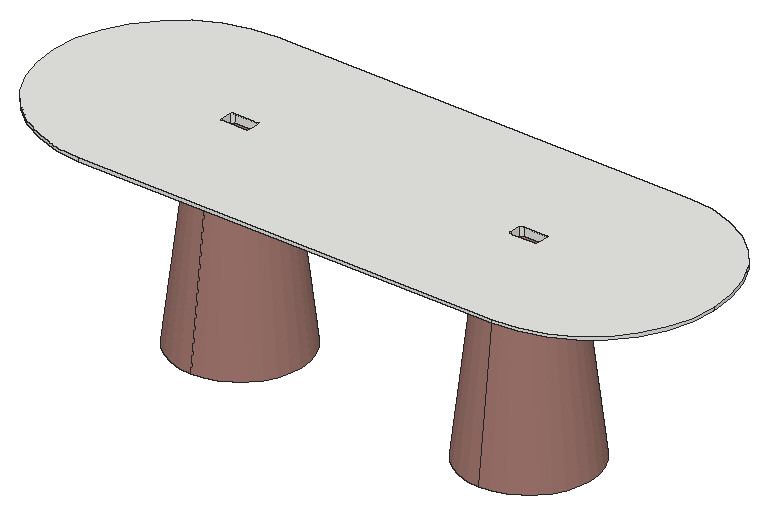
Revit family "Table-Teknion-MXTCT-Cone_Base-Expansion_Meeting-R2023", category Furniture, Revit 2023
Family settings
  OmniClass Number = 23.40.20.00
  OmniClass Title = General Furniture and Specialties
  Work Plane-Based = No
  Enable Cutting in Views = No
  Always vertical = Yes
  Cut with Voids When Loaded = No
  Render Appearance Source = Family Geometry
  Shared = Yes
  Room Calculation Point = No
Parameters (values of type "(FD) Flush Module - Dual")
  Worksurface Finish [instance] = Foundation Laminate - Teknion - XG - Very White
  Width [instance] = 96.000"
  Warranty = "http://www.teknion.com/ca/papers/legal-canada"
  Leg Height [instance] = Height - 1.189"  # 27.811"
  Available Height [instance] = "29, 36 and 42 Inches"  # constant formula
  (W) Deep Knife Edge (1-3/16") [instance] = yes
  Unit Weight URL = "http://www.teknion.com/ca/tools/assets#&asset=bee6a381-b954-425e-8283-5a2de3a804f2,f828d448-4b62-4231-9e5f-9a8991c0ed77"
  URL = "www.teknion.com"
  To render please download texture images found here [instance] = "https://assets.teknion.com/web/5e81352c1dfdb467/revit-material-swatches/"
  Sustainability Data = "https://www.teknion.com/ca/tools/assets#&topic=216f99a5-57a0-44fc-b10a-9dee9b29ae4c&asset=444deb64-fe58-4b68-981e-f75e97781df7,b4ff2d81-9f2e-437d-9659-7cffb09c31cf"
  Support Finish [instance] = Paint - Teknion - 18 - Accent - Brickstone
  Series = "Meeting Tables"  # constant formula
  FD = yes
  Product Page URL = "https://www.teknion.com/products/product-details?productlineid=3982336e-8e7a-673b-a6c8-ff00004460c4"
  Product Line = "Expansion Meeting"  # constant formula
  Product Documentation Link = "http://www.teknion.com/pricing/Expansion-meeting/pdfs/MXTCT_ppg.pdf"
  Part Number = "MXTCT"  # constant formula
  Model = "MXTCT_FD"
  Manufacturer Phone = "416-661-3370"  # constant formula
  Manufacturer Fax = "416.661.4586"  # constant formula
  Manufacturer Contact Information = "http://www.teknion.com/ca/contactus"
  Manufacturer Address = "1150 Flint Road, Toronto, ON. M3J 2J5. Canada"  # constant formula
  Manufacturer = "Teknion"  # constant formula
  (M) Flat Edge (1-3/16") [instance] = not([(W) Deep Knife Edge (1-3/16")])  # no
  How To Use Teknion Materials User Guide [instance] = "https://assets.teknion.com/m/205dd0a49fa58060/original/How-to-add-a-Material-Library-and-Texture-Images-to-your-Revit-project.pdf"
  Height [instance] = 29.000"
  For Additional Finishes please visit [instance] = "https://assets.teknion.com/m/44a8009b046e5d47/original/Teknion_Materials_Library.zip"
  FT = no
  Dim1 [instance] = if(Width = 72.000", 22.500", if(Width = 78.000", 22.500", if(Width = 84.000", 24.000", if(Width = 90.000", 25.500", 27.000"))))  # 27.000"
  Description = "Cone Base - Flush Module - Dual"
  Depth [instance] = 36.000"
  Default Elevation = 0.000"
  Available Width [instance] = "72, 78, 84, 90 and 96 Inches"  # constant formula
  Available Depth [instance] = if(Height = 29.000", "42 and 48 Inches", if(Height = 36.000", "36 and 42 Inches", "36 and 42 Inches"))  # "42 and 48 Inches"
  Assembly Code = "E2020200"
Types (4): name | Width | (W) Deep Knife Edge (1-3/16") | FD | Product Documentation Link | Model | (M) Flat Edge (1-3/16") | FT | Description | Depth
  (no name) | 96.000" | yes | yes | "http://www.teknion.com/pricing/Expansion-meeting/pdfs/MXTCT_ppg.pdf" | "MXTCT_FD" | no | no | "Cone Base - Flush Module - Dual" | 36.000"
  (FT) Flush Module - Triple | 96.000" | no | no | "http://www.teknion.com/pricing/Expansion-meeting/pdfs/MXTIT_ppg.pdf" | "MXTCT" | yes | yes | "Cone Base - Flush Module - Triple" | 36.000"
  (FD) Flush Module - Dual | 96.000" | yes | yes | "http://www.teknion.com/pricing/Expansion-meeting/pdfs/MXTCT_ppg.pdf" | "MXTCT_FD" | no | no | "Cone Base - Flush Module - Dual" | 36.000"
  (NN) No Cutout | 108.000" | no | no | "http://www.teknion.com/pricing/Expansion-meeting/pdfs/MXTIT_ppg.pdf" | "MXTCT" | yes | no | "Cone Base - No Cutout" | 60.000"
Reference planes (in)
  plane 1 "Center Front/Back": y = 0
  plane 2: z = 0
  plane 3 "Center Left/Right": x = 0
  plane 4 "Left": x = -48
  plane 5 "Right": x = 48
  plane 6 "Back": y = 18
  plane 7 "Front": y = -18
  plane 8 "Top": z = 29
  plane 9: x = -21
  plane 10: x = 21
Forms (in)
  Sweep 1, solid, material "Foundation Laminate - Teknion - XG - Very White" <- "Worksurface Finish"
    path origin (0, 0, 0) x (1, 0, 0) y (0, 0, 1)
      loop
        line (0, 29) -> (0, 27.81102)
    profile origin (0, 0, 28.40551) x (0, -1, 0) y (1, 0, 0)
      loop
        arc (-18, -29.99857) -> (-12.72796, -42.72704) -> (0.00013, -48) r 18.00143
        arc (0.00013, -48) -> (12.72788, -42.7288) -> (18, -30.00143) r 17.99857
        line (18, -30.00143) -> (18, 30)
        arc (18, 30) -> (12.72792, 42.72792) -> (0, 48) r 18
        arc (0, 48) -> (-12.72792, 42.72792) -> (-18, 30) r 18
        line (-18, 30) -> (-18, -29.99857)
  Sweep 2, void
    path in 3D
      loop
        arc (30, -18, 29) -> (42.72792, -12.72792, 29) -> (48, 0, 29) r 18
        arc (48, 0, 29) -> (42.72792, 12.72792, 29) -> (30, 18, 29) r 18
        line (30, 18, 29) -> (-29.99857, 18, 29)
        arc (-29.99857, 18, 29) -> (-42.72704, 12.72796, 29) -> (-48, -0.00013, 29) r 18.00143
        arc (-48, -0.00013, 29) -> (-42.7288, -12.72788, 29) -> (-30.00143, -18, 29) r 17.99857
        line (-30.00143, -18, 29) -> (30, -18, 29)
    profile origin (48, 0, 29) x (1, 0, 0) y (0, 0, 1)
      loop
        line (0.03125, -0.38922) -> (-2.38217, -1.22023) -> (0.03125, -1.22023) -> (0.03125, -0.38922)
  Sweep 3, void
    path origin (0, 0, 0) x (1, 0, 0) y (0, 0, 1)
      loop
        line (0, 27.81102) -> (0, 30.31102)
    profile origin (0, 0, 29.06102) x (-1, 0, 0) y (0, -1, 0)
      loop
        arc (2.53937, -1.12205) -> (2.81776, -1.00673) -> (2.93307, -0.72835) r 0.3937
        line (2.93307, -0.72835) -> (2.93307, 0.72835)
        arc (2.93307, 0.72835) -> (2.81776, 1.00673) -> (2.53937, 1.12205) r 0.3937
        line (2.53937, 1.12205) -> (-2.53937, 1.12205)
        arc (-2.53937, 1.12205) -> (-2.81776, 1.00673) -> (-2.93307, 0.72835) r 0.3937
        line (-2.93307, 0.72835) -> (-2.93307, -0.72835)
        arc (-2.93307, -0.72835) -> (-2.81776, -1.00673) -> (-2.53937, -1.12205) r 0.3937
        line (-2.53937, -1.12205) -> (2.53937, -1.12205)
  Sweep 4, void
    path origin (0, 0, 0) x (1, 0, 0) y (0, 0, 1)
      loop
        line (0, 27.81102) -> (0, 30.31102)
    profile origin (0, 0, 29.06102) x (-1, 0, 0) y (0, -1, 0)
      loop
        arc (22.65354, -1.12205) -> (22.93193, -1.00673) -> (23.04724, -0.72835) r 0.3937
        line (23.04724, -0.72835) -> (23.04724, 0.72835)
        arc (23.04724, 0.72835) -> (22.93193, 1.00673) -> (22.65354, 1.12205) r 0.3937
        line (22.65354, 1.12205) -> (19.34646, 1.12205)
        arc (19.34646, 1.12205) -> (19.06807, 1.00673) -> (18.95276, 0.72835) r 0.3937
        line (18.95276, 0.72835) -> (18.95276, -0.72835)
        arc (18.95276, -0.72835) -> (19.06807, -1.00673) -> (19.34646, -1.12205) r 0.3937
        line (19.34646, -1.12205) -> (22.65354, -1.12205)
      loop
        arc (-19.34646, -1.12205) -> (-19.06807, -1.00673) -> (-18.95276, -0.72835) r 0.3937
        line (-18.95276, -0.72835) -> (-18.95276, 0.72835)
        arc (-18.95276, 0.72835) -> (-19.06807, 1.00673) -> (-19.34646, 1.12205) r 0.3937
        line (-19.34646, 1.12205) -> (-22.65354, 1.12205)
        arc (-22.65354, 1.12205) -> (-22.93193, 1.00673) -> (-23.04724, 0.72835) r 0.3937
        line (-23.04724, 0.72835) -> (-23.04724, -0.72835)
        arc (-23.04724, -0.72835) -> (-22.93193, -1.00673) -> (-22.65354, -1.12205) r 0.3937
        line (-22.65354, -1.12205) -> (-19.34646, -1.12205)
Cuts and joins
  Sweep 2, Sweep 3, Sweep 4 cuts Sweep 1
Lines and regions (in)
  Masking region 1
    outline origin (0, 0, 0) x (1, 0, 0) y (0, 1, 0)
      loop
        arc (-29.99857, 18.00001) -> (-42.727, 12.72801) -> (-48, 0) r 18.00143
        arc (-48, 0) -> (-42.72884, -12.72783) -> (-30.00143, -17.99999) r 17.99857
        line (-30.00143, -17.99999) -> (30, -17.99999)
        arc (30, -17.99999) -> (42.72792, -12.72791) -> (48, 0.00001) r 18
        arc (48, 0.00001) -> (42.72792, 12.72793) -> (30, 18.00001) r 18
        line (30, 18.00001) -> (-29.99857, 18.00001)
  sketch lines
    curve 1: line (-30.00143, -18, 29) -> (30, -18, 29)
    curve 2: arc (48, 0, 29) -> (42.72792, -12.72792, 29) -> (30, -18, 29) r 18
    curve 3: arc (30, 18, 29) -> (42.72792, 12.72792, 29) -> (48, 0, 29) r 18
    curve 4: line (30, 18, 29) -> (-29.99857, 18, 29)
    curve 5: arc (-48, -0.00013, 29) -> (-42.72704, 12.72796, 29) -> (-29.99857, 18, 29) r 18.00143
    curve 6: arc (-30.00143, -18, 29) -> (-42.7288, -12.72788, 29) -> (-48, -0.00013, 29) r 17.99857
  reference lines
    curve 7: line (-48, 18, 0) -> (48, 18, 0)
    curve 8: line (-48, -18, 0) -> (48, -18, 0)
    curve 9: line (48, 18, 0) -> (48, -18, 0)
    curve 10: line (-48, 18, 0) -> (-48, -18, 0)
  symbolic lines, style "Furniture", visible <- "FT"
    curve 11: line (2.53937, 1.12205, 0) -> (-2.53937, 1.12205, 0)
    curve 12: arc (-2.53937, 1.12205, 0) -> (-2.81776, 1.00673, 0) -> (-2.93307, 0.72835, 0) r 0.3937
    curve 13: line (-2.93307, 0.72835, 0) -> (-2.93307, -0.72835, 0)
    curve 14: arc (-2.93307, -0.72835, 0) -> (-2.81776, -1.00673, 0) -> (-2.53937, -1.12205, 0) r 0.3937
    curve 15: line (-2.53937, -1.12205, 0) -> (2.53937, -1.12205, 0)
    curve 16: arc (2.53937, -1.12205, 0) -> (2.81776, -1.00673, 0) -> (2.93307, -0.72835, 0) r 0.3937
    curve 17: line (2.93307, -0.72835, 0) -> (2.93307, 0.72835, 0)
    curve 18: arc (2.93307, 0.72835, 0) -> (2.81776, 1.00673, 0) -> (2.53937, 1.12205, 0) r 0.3937
  symbolic lines, visible <- "FD"
    curve 19: line (-19.34646, 1.12205, 0) -> (-22.65354, 1.12205, 0)
    curve 20: arc (-22.65354, 1.12205, 0) -> (-22.93193, 1.00673, 0) -> (-23.04724, 0.72835, 0) r 0.3937
    curve 21: line (-23.04724, 0.72835, 0) -> (-23.04724, -0.72835, 0)
    curve 22: arc (-23.04724, -0.72835, 0) -> (-22.93193, -1.00673, 0) -> (-22.65354, -1.12205, 0) r 0.3937
    curve 23: line (-22.65354, -1.12205, 0) -> (-19.34646, -1.12205, 0)
    curve 24: arc (-19.34646, -1.12205, 0) -> (-19.06807, -1.00673, 0) -> (-18.95276, -0.72835, 0) r 0.3937
    curve 25: line (-18.95276, -0.72835, 0) -> (-18.95276, 0.72835, 0)
    curve 26: arc (-18.95276, 0.72835, 0) -> (-19.06807, 1.00673, 0) -> (-19.34646, 1.12205, 0) r 0.3937
    curve 27: line (22.65354, 1.12205, 0) -> (19.34646, 1.12205, 0)
    curve 28: arc (19.34646, 1.12205, 0) -> (19.06807, 1.00673, 0) -> (18.95276, 0.72835, 0) r 0.3937
    curve 29: line (18.95276, 0.72835, 0) -> (18.95276, -0.72835, 0)
    curve 30: arc (18.95276, -0.72835, 0) -> (19.06807, -1.00673, 0) -> (19.34646, -1.12205, 0) r 0.3937
    curve 31: line (19.34646, -1.12205, 0) -> (22.65354, -1.12205, 0)
    curve 32: arc (22.65354, -1.12205, 0) -> (22.93193, -1.00673, 0) -> (23.04724, -0.72835, 0) r 0.3937
    curve 33: line (23.04724, -0.72835, 0) -> (23.04724, 0.72835, 0)
    curve 34: arc (23.04724, 0.72835, 0) -> (22.93193, 1.00673, 0) -> (22.65354, 1.12205, 0) r 0.3937
  symbolic lines, style "FurnitureHiddenLines", visible <- "(W) Deep Knife Edge (1-3/16")"
    curve 35: line (-29.99857, 15.70883, 0) -> (30, 15.70883, 0)
    curve 36: arc (30, 15.70883, 0) -> (41.10765, 11.1079, 0) -> (45.70859, 0.00025, 0) r 15.70859
    curve 37: arc (45.70859, 0.00025, 0) -> (41.10765, -11.1074, 0) -> (30, -15.70834, 0) r 15.70859
    curve 38: line (30, -15.70834, 0) -> (-30.00143, -15.70834, 0)
    curve 39: arc (-30.00143, -15.70834, 0) -> (-41.10848, -11.1074, 0) -> (-45.70859, 0, 0) r 15.70716
    curve 40: arc (-45.70859, 0, 0) -> (-41.10681, 11.1079, 0) -> (-29.99857, 15.70883, 0) r 15.71001
Dimensions and locks (in)
  "Width": plane 4 "Left" to plane 5 "Right"
  "Depth": plane 6 "Back" to plane 7 "Front"
  "Height": plane 8 "Top" to level
  equal spacing: plane 4 "Left", plane 3 "Center Left/Right", plane 5 "Right"
  equal spacing: plane 6 "Back", plane 1 "Center Front/Back", plane 7 "Front"
  locked: plane 8 "Top" to Sweep 1 sketch curve at 1.18898
  locked: plane 5 "Right" to Sweep 2 sketch curve at 0.03125
  locked: plane 8 "Top" to Sweep 2 sketch curve at 1.22023
  Sweep 3 sketch curve to plane 8 "Top" to Sweep 3 sketch curve = 1.31102" locked, 1.18898" locked
  Sweep 3 sketch curve to plane 3 "Center Left/Right" to Sweep 3 sketch curve = 2.93307" locked, 2.93307" locked
  Sweep 3 sketch curve to plane 1 "Center Front/Back" to Sweep 3 sketch curve = 1.12205" locked, 1.12205" locked
  Sweep 4 sketch curve to plane 8 "Top" to Sweep 4 sketch curve = 1.31102" locked, 1.18898" locked
  "Dim1": plane 4 "Left" to plane 9
  "Dim1": plane 10 to plane 5 "Right"
  Sweep 4 sketch curve to plane 9 to Sweep 4 sketch curve = 2.04724" locked, 2.04724" locked
  Sweep 4 sketch curve to Sweep 4 sketch curve to plane 1 "Center Front/Back" to Sweep 4 sketch curve to Sweep 4 sketch curve = 0.000" locked, 1.12205" locked, 1.12205" locked, 0.000" locked
  Sweep 4 sketch curve to plane 10 to Sweep 4 sketch curve = 2.04724" locked, 2.04724" locked
  locked: curve 35 to plane 6 "Back" at 2.29117
  locked: plane 7 "Front" to curve 38 at 2.29166
  locked: curve 37 to plane 5 "Right" at 2.29141
  plane 4 "Left" to curve 39 to curve 40 = 2.29141" locked, 0.000" locked
  aligned and locked: level to plane 2
  aligned and locked: plane 8 "Top" to Sweep 1 sketch curve
  aligned and locked: Sweep 1 sketch curve to plane 6 "Back"
  aligned and locked: plane 4 "Left" to Sweep 1 sketch curve  (x2)
  aligned and locked: plane 5 "Right" to Sweep 1 sketch curve
  aligned and locked: plane 3 "Center Left/Right" to nested 1
  aligned and locked: plane 1 "Center Front/Back" to nested 1
  aligned and locked: curve 7 to plane 6 "Back"
  aligned and locked: plane 7 "Front" to curve 8
  aligned and locked: nested 2 to plane 9
  aligned and locked: plane 1 "Center Front/Back" to nested 2
  aligned and locked: plane 1 "Center Front/Back" to nested 3
  aligned and locked: plane 10 to nested 3
  aligned and locked: plane 3 "Center Left/Right" to Sweep 3 sketch curve
  aligned and locked: plane 3 "Center Left/Right" to Sweep 4 sketch curve
  aligned and locked: plane 5 "Right" to curve 9
  aligned and locked: curve 10 to plane 4 "Left"
  aligned and locked: plane 5 "Right" to Masking region 1 sketch curve
  aligned and locked: plane 4 "Left" to Masking region 1 sketch curve
  aligned and locked: plane 1 "Center Front/Back" to Masking region 1 sketch curve  (x2)
  aligned and locked: nested 2 to plane 2
  aligned and locked: nested 3 to plane 2
Automatic sketch dimensions
  Sweep 1 sketch curve to plane 3 "Center Left/Right" = 0.000"
  Sweep 1 sketch curve to Sweep 1 sketch curve = 0.000"
  plane 1 "Center Front/Back" to Sweep 1 sketch curve = 0.000"  (x2)
  plane 1 "Center Front/Back" to Sweep 1 sketch curve = 0.00143"  (x2)
  profile plane to Sweep 2 sketch curve = 2.38217"
  Sweep 2 sketch curve to profile plane = 0.38922"
  Sweep 3 sketch curve to Sweep 3 sketch curve = 0.3937"  (x3)
  Sweep 3 sketch curve to Sweep 3 sketch curve = 0.000"
  Sweep 4 sketch curve to Sweep 4 sketch curve = 0.3937"  (x6)
  Sweep 4 sketch curve to Sweep 4 sketch curve = 0.000"
  Sweep 4 sketch curve to plane 1 "Center Front/Back" = 0.72835"
  Masking region 1 sketch curve to Masking region 1 sketch curve = 0.000"
  Masking region 1 sketch curve to plane 4 "Left" = 0.000"
  Masking region 1 sketch curve to plane 7 "Front" = 0.00001"
  plane 6 "Back" to Masking region 1 sketch curve = 0.00001"
  plane 9 to curve 21 = 2.04724"
  curve 21 to curve 19 = 0.3937"
  curve 21 to curve 23 = 0.3937"
  curve 26 to curve 25 = 0.3937"
  curve 13 to plane 1 "Center Front/Back" = 0.72835"
  curve 13 to plane 3 "Center Left/Right" = 2.93307"
  curve 13 to curve 12 = 0.3937"
  curve 13 to curve 14 = 0.3937"
  curve 18 to plane 1 "Center Front/Back" = 0.72835"
  plane 3 "Center Left/Right" to curve 18 = 2.53937"
  curve 16 to curve 16 = 0.3937"
  plane 1 "Center Front/Back" to curve 29 = 0.72835"
  curve 29 to plane 10 = 2.04724"
  curve 30 to curve 30 = 0.3937"
  curve 28 to curve 27 = 0.3937"
  plane 1 "Center Front/Back" to curve 32 = 0.72835"
  plane 10 to curve 32 = 1.65354"
  curve 34 to curve 33 = 0.3937"
  plane 1 "Center Front/Back" to curve 23 = 1.12205"
  plane 1 "Center Front/Back" to curve 15 = 1.12205"
  curve 28 to plane 1 "Center Front/Back" = 0.72835"
  curve 26 to plane 1 "Center Front/Back" = 0.72835"
  plane 1 "Center Front/Back" to curve 24 = 0.72835"
  curve 24 to plane 9 = 1.65354"
  curve 36 to curve 37 = 0.000"
  plane 1 "Center Front/Back" to curve 39 = 0.00118"
  plane 1 "Center Front/Back" to curve 39 = 0.000"
Nested families (in)
  nested 1: "Teknion_2D_Node_Family-R2021" at (0, 0, 0), type "Teknion_2D_Node_Family-R2021"
  nested 2: "Leg-MXTCT-Exp_Meeting-R2022" at (-21, 0, 0), Height <- "Leg Height", Support Finish <- "Support Finish", type "Leg-MXTCT"
    with To render please download texture images found here "https://assets.teknion.com/web/5e81352c1dfdb467/revit-material-swatches/", Support Finish Paint - Teknion - 18 - Accent - Brickstone, How To Use Teknion Materials User Guide "https://assets.teknion.com/m/205dd0a49fa58060/original/How-to-add-a-Material-Library-and-Texture-Images-to-your-Revit-project.pdf", Height 27.811", For Additional Finishes please visit "https://assets.teknion.com/m/44a8009b046e5d47/original/Teknion_Materials_Library.zip"
  nested 3: "Leg-MXTCT-Exp_Meeting-R2022" at (21, 0, 0), Height <- "Leg Height", Support Finish <- "Support Finish", type "Leg-MXTCT"
    with To render please download texture images found here "https://assets.teknion.com/web/5e81352c1dfdb467/revit-material-swatches/", Support Finish Paint - Teknion - 18 - Accent - Brickstone, How To Use Teknion Materials User Guide "https://assets.teknion.com/m/205dd0a49fa58060/original/How-to-add-a-Material-Library-and-Texture-Images-to-your-Revit-project.pdf", Height 27.811", For Additional Finishes please visit "https://assets.teknion.com/m/44a8009b046e5d47/original/Teknion_Materials_Library.zip"
Definition of nested family "Leg-MXTCT-Exp_Meeting-R2022"
  Parameters (values of type "Leg-MXTCT")
    Width = 0.000"
    Warranty = "http://www.teknion.com/ca/papers/legal-canada"
    Unit Weight URL = "http://www.teknion.com/ca/tools/assets#&asset=bee6a381-b954-425e-8283-5a2de3a804f2,f828d448-4b62-4231-9e5f-9a8991c0ed77"
    URL = "www.teknion.com"
    To render please download texture images found here [instance] = "https://assets.teknion.com/web/5e81352c1dfdb467/revit-material-swatches/"
    Sustainability Data = "https://www.teknion.com/ca/tools/assets#&topic=216f99a5-57a0-44fc-b10a-9dee9b29ae4c&asset=444deb64-fe58-4b68-981e-f75e97781df7,b4ff2d81-9f2e-437d-9659-7cffb09c31cf"
    Support Finish [instance] = none
    Series = ""
    Product Page URL = ""
    Product Line = ""
    Product Documentation Link = ""
    Part Number = ""
    Model = "1"
    Manufacturer Phone = "416-661-3370"  # constant formula
    Manufacturer Fax = "416.661.4586"  # constant formula
    Manufacturer Contact Information = "http://www.teknion.com/ca/contactus"
    Manufacturer Address = "1150 Flint Road, Toronto, ON. M3J 2J5. Canada"  # constant formula
    Manufacturer = "Teknion"  # constant formula
    Length = 0.000"
    How To Use Teknion Materials User Guide [instance] = "https://assets.teknion.com/m/205dd0a49fa58060/original/How-to-add-a-Material-Library-and-Texture-Images-to-your-Revit-project.pdf"
    Height [instance] = 29.000"
    For Additional Finishes please visit [instance] = "https://assets.teknion.com/m/44a8009b046e5d47/original/Teknion_Materials_Library.zip"
    Depth = 0.000"
    Default Elevation = 0.000"
    Assembly Code = "E2020200"
  Reference planes (in)
    plane 1 "Center Front/Back": y = 0
    plane 2: z = 0
    plane 3 "Center Left/Right": x = 0
    plane 4 "Left": x = -9
    plane 5 "Right": x = 9
    plane 6 "Back": y = 9
    plane 7 "Front": y = -9
    plane 8 "Top": z = 29
  Forms (in)
    SweptBlend 1, solid, material <- "Support Finish"
      path origin (0, 0, 0) x (1, 0, 0) y (0, 0, 1)
        loop
          line (0, 28.811) -> (0, 0.122)
      profile origin (0, 0, 28.811) x (0, -1, 0) y (1, 0, 0)
        loop
          circle (0, 0) r 5.75
      end profile origin (0, 0, 0.122) x (0, -1, 0) y (1, 0, 0)
        loop
          circle (0, 0) r 9
    Extrusion 2, solid, material <- "Support Finish"
      sketch origin (0, 0, 28.811) x (1, 0, 0) y (0, 1, 0)
        loop
          line (6.11811, 9) -> (-6.11811, 9)
          arc (-6.11811, 9) -> (-8.15591, 8.15591) -> (-9, 6.11811) r 2.88189
          line (-9, 6.11811) -> (-9, -6.11811)
          arc (-9, -6.11811) -> (-8.15591, -8.15591) -> (-6.11811, -9) r 2.88189
          line (-6.11811, -9) -> (6.11811, -9)
          arc (6.11811, -9) -> (8.15591, -8.15591) -> (9, -6.11811) r 2.88189
          line (9, -6.11811) -> (9, 6.11811)
          arc (9, 6.11811) -> (8.15591, 8.15591) -> (6.11811, 9) r 2.88189
      from 0 to 0.18898
    Sweep 3, solid
      path origin (0, 0, 0) x (1, 0, 0) y (0, 0, 1)
        loop
          line (0, 0.31496) -> (0, 0)
      profile origin (0, 0, 0.15748) x (0, -1, 0) y (1, 0, 0)
        loop
          circle (-6.96884, 4.03451) r 0.5
        loop
          circle (-6.96884, -4.03451) r 0.5
        loop
          circle (6.96884, 4.03451) r 0.5
        loop
          circle (6.96884, -4.03451) r 0.5
        loop
          circle (0, 8.05797) r 0.5
        loop
          circle (0, -8.05797) r 0.5
  Lines and regions (in)
    symbolic lines, detail levels medium+fine
      curve 1: line (6.11811, 9, 0) -> (-6.11811, 9, 0)
      curve 2: arc (-6.11811, 9, 0) -> (-8.15591, 8.15591, 0) -> (-9, 6.11811, 0) r 2.88189
      curve 3: line (-9, 6.11811, 0) -> (-9, -6.11811, 0)
      curve 4: arc (-9, -6.11811, 0) -> (-8.15591, -8.15591, 0) -> (-6.11811, -9, 0) r 2.88189
      curve 5: line (-6.11811, -9, 0) -> (6.11811, -9, 0)
      curve 6: arc (6.11811, -9, 0) -> (8.15591, -8.15591, 0) -> (9, -6.11811, 0) r 2.88189
      curve 7: line (9, -6.11811, 0) -> (9, 6.11811, 0)
      curve 8: arc (9, 6.11811, 0) -> (8.15591, 8.15591, 0) -> (6.11811, 9, 0) r 2.88189
      curve 11: arc (0, -5.75, 0) -> (5.75, 0, 0) -> (0, 5.75, 0) r 5.75
      curve 12: arc (0, 5.75, 0) -> (-5.75, 0, 0) -> (0, -5.75, 0) r 5.75
      curve 27: arc (0, -5.562, 0) -> (5.562, 0, 0) -> (0, 5.562, 0) r 5.562
      curve 28: arc (0, 5.562, 0) -> (-5.562, 0, 0) -> (0, -5.562, 0) r 5.562
      curve 29: line (-1.5785, 1.5785, 0) -> (1.5785, 1.5785, 0)
      curve 30: line (-1.5785, -1.5785, 0) -> (-1.5785, 1.5785, 0)
      curve 31: line (1.5785, -1.5785, 0) -> (-1.5785, -1.5785, 0)
      curve 32: line (1.5785, 1.5785, 0) -> (1.5785, -1.5785, 0)
      curve 33: circle (0, 0, 0) r 2.75 normal (0, 0, 1)
    symbolic lines, detail levels fine
      curve 9: arc (0, 9, 0) -> (9, 0, 0) -> (0, -9, 0) r 9
      curve 10: arc (0, -9, 0) -> (-9, 0, 0) -> (0, 9, 0) r 9
      curve 13: arc (-4.03451, 7.46884, 0) -> (-4.53451, 6.96884, 0) -> (-4.03451, 6.46884, 0) r 0.5
      curve 14: arc (-4.03451, 6.46884, 0) -> (-3.53451, 6.96884, 0) -> (-4.03451, 7.46884, 0) r 0.5
      curve 15: arc (4.03451, 7.46884, 0) -> (3.53451, 6.96884, 0) -> (4.03451, 6.46884, 0) r 0.5
      curve 16: arc (4.03451, 6.46884, 0) -> (4.53451, 6.96884, 0) -> (4.03451, 7.46884, 0) r 0.5
      curve 17: arc (8.05797, 0.5, 0) -> (7.55797, 0, 0) -> (8.05797, -0.5, 0) r 0.5
      curve 18: arc (8.05797, -0.5, 0) -> (8.55797, 0, 0) -> (8.05797, 0.5, 0) r 0.5
      curve 19: arc (4.03451, -7.46884, 0) -> (4.53451, -6.96884, 0) -> (4.03451, -6.46884, 0) r 0.5
      curve 20: arc (4.03451, -6.46884, 0) -> (3.53451, -6.96884, 0) -> (4.03451, -7.46884, 0) r 0.5
      curve 21: arc (-4.03451, -7.46884, 0) -> (-3.53451, -6.96884, 0) -> (-4.03451, -6.46884, 0) r 0.5
      curve 22: arc (-4.03451, -6.46884, 0) -> (-4.53451, -6.96884, 0) -> (-4.03451, -7.46884, 0) r 0.5
      curve 23: arc (-8.05797, 0.5, 0) -> (-8.55797, 0, 0) -> (-8.05797, -0.5, 0) r 0.5
      curve 24: arc (-8.05797, -0.5, 0) -> (-7.55797, 0, 0) -> (-8.05797, 0.5, 0) r 0.5
      curve 25: arc (0, -8.812, 0) -> (-8.812, 0, 0) -> (0, 8.812, 0) r 8.812
      curve 26: arc (0, 8.812, 0) -> (8.812, 0, 0) -> (0, -8.812, 0) r 8.812
  Dimensions and locks (in)
    plane 4 "Left" to plane 5 "Right" = 18.000"
    plane 6 "Back" to plane 7 "Front" = 18.000"
    "Height": plane 8 "Top" to level
    equal spacing: plane 6 "Back", plane 1 "Center Front/Back", plane 7 "Front"
    locked: SweptBlend 1 sketch curve to plane 2 at 0.122
    locked: plane 8 "Top" to SweptBlend 1 sketch curve at 0.189
    aligned and locked: level to plane 2
    aligned and locked: Sweep 3 sketch curve to plane 3 "Center Left/Right"
    aligned and locked: curve 2 to Extrusion 2
    aligned and locked: curve 4 to Extrusion 2
    aligned and locked: curve 6 to Extrusion 2
    aligned and locked: curve 8 to Extrusion 2
    aligned and locked: curve 9 to SweptBlend 1
    aligned and locked: curve 10 to SweptBlend 1
    aligned and locked: curve 11 to SweptBlend 1
    aligned and locked: curve 12 to SweptBlend 1
    aligned and locked: curve 13 to Sweep 3
    aligned and locked: curve 14 to Sweep 3
    aligned and locked: curve 15 to Sweep 3
    aligned and locked: curve 16 to Sweep 3
    aligned and locked: curve 17 to Sweep 3
    aligned and locked: curve 18 to Sweep 3
    aligned and locked: curve 19 to Sweep 3
    aligned and locked: curve 20 to Sweep 3
    aligned and locked: curve 21 to Sweep 3
    aligned and locked: curve 22 to Sweep 3
    aligned and locked: curve 23 to Sweep 3
    aligned and locked: curve 24 to Sweep 3
  Automatic sketch dimensions
    plane 1 "Center Front/Back" to SweptBlend 1 sketch curve = 0.000"  (x2)
    SweptBlend 1 sketch curve to profile plane = 0.000"  (x2)
    Sweep 3 sketch curve to level = 0.000"
    Sweep 3 sketch curve to Sweep 3 sketch curve = 0.31496"
    plane 1 "Center Front/Back" to Sweep 3 sketch curve = 0.000"  (x2)
    Sweep 3 sketch curve to plane 1 "Center Front/Back" = 6.96884"  (x2)
    plane 1 "Center Front/Back" to Sweep 3 sketch curve = 6.96884"  (x2)
    profile plane to Sweep 3 sketch curve = 8.05797"
    profile plane to Sweep 3 sketch curve = 4.03451"  (x2)
    Sweep 3 sketch curve to profile plane = 4.03451"  (x2)
    Sweep 3 sketch curve to Sweep 3 sketch curve = 4.02346"
    curve 9 to curve 25 = 0.000"  (x2)
    curve 9 to curve 27 = 0.000"  (x2)
    curve 9 to curve 33 = 0.000"  (x2)
    curve 29 to plane 3 "Center Left/Right" = 1.5785"
    plane 3 "Center Left/Right" to curve 32 = 1.5785"
    plane 1 "Center Front/Back" to curve 30 = 1.5785"
    curve 29 to plane 1 "Center Front/Back" = 1.5785"
    curve 25 to plane 7 "Front" = 0.188"
    curve 11 to curve 27 = 0.188"
    SweptBlend 1 sketch curve to plane 3 "Center Left/Right" = 0.000"
    radius of SweptBlend 1 sketch curve = 9.000"
    radius of Sweep 3 sketch curve = 0.500"  (x6)
    radius of curve 33 = 2.750"
    radius of SweptBlend 1 sketch curve = 5.750"
Definition of nested family "Teknion_2D_Node_Family-R2021"
  Reference planes (in)
    plane 1 "Center (Front/Back)": y = 0
    plane 2: z = 0
    plane 3 "Center (Left/Right)": x = 0
  Lines and regions (in)
    detail lines, in view "Ref. Level"
      curve 1: circle (0, 0, 0) r 1.25 normal (0, 0, 1)
      curve 2: line (1.91508, -1.91508, 0) -> (-1.91508, 1.91508, 0)
      curve 3: line (-1.91508, -1.91508, 0) -> (1.91508, 1.91508, 0)
